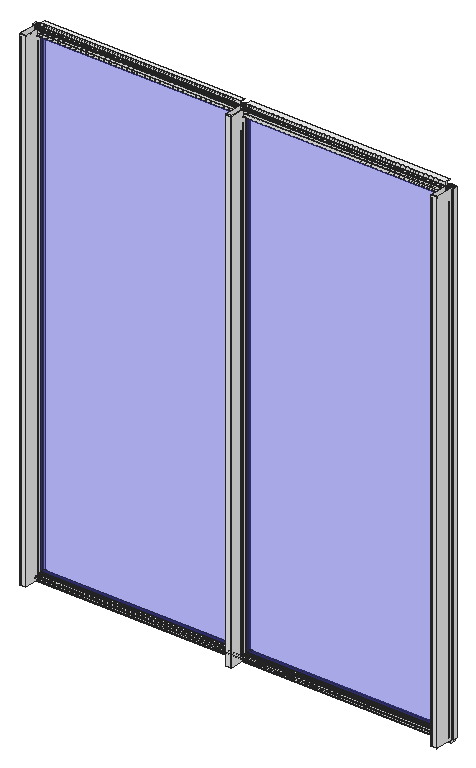
Revit family "Facade_60_Curtain_Wall_S21_Standard", category Windows, host Wall, Revit 2014 (continued)
Definition of nested family "F60 Vertical Profile Side_S21_Std"
  Automatic sketch dimensions
    Extrusion 9 sketch curve to Extrusion 9 sketch curve = 0.444 mm
    Extrusion 9 sketch curve to Extrusion 9 sketch curve = 3.038 mm
    Extrusion 9 sketch curve to plane 1 "Center (Front/Back)" = 0.385 mm  (x2)
    Extrusion 9 sketch curve to Extrusion 9 sketch curve = 0.756 mm
    Extrusion 9 sketch curve to Extrusion 9 sketch curve = 2.153 mm
    Extrusion 9 sketch curve to Extrusion 9 sketch curve = 0.631 mm
    Extrusion 9 sketch curve to Extrusion 9 sketch curve = 0.807 mm
    Extrusion 9 sketch curve to Extrusion 9 sketch curve = 1.646 mm
    Extrusion 9 sketch curve to Extrusion 9 sketch curve = 0.707 mm
    Extrusion 9 sketch curve to Extrusion 9 sketch curve = 1.393 mm
    Extrusion 9 sketch curve to Extrusion 9 sketch curve = 1.923 mm
    Extrusion 9 sketch curve to Extrusion 9 sketch curve = 11.937 mm
    Extrusion 9 sketch curve to Extrusion 9 sketch curve = 1.6 mm
    Extrusion 9 sketch curve to Extrusion 9 sketch curve = 0.9 mm  (x2)
    Extrusion 9 sketch curve to Extrusion 9 sketch curve = 1.356 mm  (x2)
    Extrusion 9 sketch curve to Extrusion 9 sketch curve = 0.714 mm
    Extrusion 9 sketch curve to Extrusion 9 sketch curve = 0.02 mm
    Extrusion 9 sketch curve to Extrusion 9 sketch curve = 0.399 mm
    Extrusion 9 sketch curve to Extrusion 9 sketch curve = 2.224 mm
    Extrusion 9 sketch curve to Extrusion 9 sketch curve = 0.448 mm
    Extrusion 9 sketch curve to plane 1 "Center (Front/Back)" = 0.198 mm
    Extrusion 9 sketch curve to plane 1 "Center (Front/Back)" = 0.201 mm
    Extrusion 9 sketch curve to Extrusion 9 sketch curve = 0.032 mm
    Extrusion 9 sketch curve to Extrusion 9 sketch curve = 0 mm
    plane 3 "Center (Left/Right)" to Extrusion 10 sketch curve = 1.014 mm
    Extrusion 10 sketch curve to Extrusion 10 sketch curve = 0.469 mm  (x2)
    plane 3 "Center (Left/Right)" to Extrusion 10 sketch curve = 1.706 mm
    Extrusion 10 sketch curve to Extrusion 10 sketch curve = 1.079 mm
    Extrusion 10 sketch curve to Extrusion 10 sketch curve = 0.864 mm
    Extrusion 10 sketch curve to Extrusion 10 sketch curve = 1.15 mm  (x4)
    Extrusion 10 sketch curve to Extrusion 10 sketch curve = 3.2 mm  (x2)
    Extrusion 10 sketch curve to Extrusion 10 sketch curve = 3.031 mm  (x2)
    Extrusion 10 sketch curve to Extrusion 10 sketch curve = 0.6 mm  (x3)
    Extrusion 10 sketch curve to Extrusion 10 sketch curve = 15.584 mm  (x2)
    Extrusion 10 sketch curve to Extrusion 10 sketch curve = 0.808 mm  (x2)
    Extrusion 10 sketch curve to Extrusion 10 sketch curve = 3.038 mm
    Extrusion 10 sketch curve to Extrusion 10 sketch curve = 0.865 mm
    Extrusion 10 sketch curve to Extrusion 10 sketch curve = 1.25 mm  (x5)
    Extrusion 10 sketch curve to Extrusion 10 sketch curve = 0.61 mm
    plane 1 "Center (Front/Back)" to Extrusion 10 sketch curve = 31.288 mm
    Extrusion 10 sketch curve to Extrusion 10 sketch curve = 0.362 mm
    plane 1 "Center (Front/Back)" to Extrusion 10 sketch curve = 31.65 mm
    Extrusion 10 sketch curve to Extrusion 10 sketch curve = 0.962 mm
    Extrusion 10 sketch curve to Extrusion 10 sketch curve = 0.85 mm
    Extrusion 10 sketch curve to Extrusion 10 sketch curve = 0.512 mm  (x2)
    Extrusion 10 sketch curve to Extrusion 10 sketch curve = 0.4 mm  (x2)
    Extrusion 10 sketch curve to Extrusion 10 sketch curve = 1 mm
    Extrusion 10 sketch curve to Extrusion 10 sketch curve = 2.8 mm
    Extrusion 10 sketch curve to Extrusion 10 sketch curve = 0 mm  (x2)
    Extrusion 10 sketch curve to Extrusion 10 sketch curve = 1.4 mm
    Extrusion 10 sketch curve to Extrusion 10 sketch curve = 0.539 mm  (x2)
    plane 1 "Center (Front/Back)" to Extrusion 10 sketch curve = 28.864 mm
    Extrusion 11 sketch curve to plane 3 "Center (Left/Right)" = 0 mm
    plane 3 "Center (Left/Right)" to Extrusion 11 sketch curve = 0.65 mm
    Extrusion 11 sketch curve to Extrusion 11 sketch curve = 0.128 mm  (x2)
    plane 3 "Center (Left/Right)" to Extrusion 11 sketch curve = 1.014 mm
    plane 3 "Center (Left/Right)" to Extrusion 11 sketch curve = 1.05 mm
    Extrusion 11 sketch curve to Extrusion 11 sketch curve = 0.469 mm  (x2)
    Extrusion 11 sketch curve to Extrusion 11 sketch curve = 1.079 mm
    Extrusion 11 sketch curve to Extrusion 11 sketch curve = 1.317 mm  (x2)
    Extrusion 11 sketch curve to Extrusion 11 sketch curve = 0 mm  (x3)
    plane 3 "Center (Left/Right)" to Extrusion 11 sketch curve = 3.85 mm
    Extrusion 11 sketch curve to Extrusion 11 sketch curve = 0.15 mm  (x2)
    Extrusion 11 sketch curve to Extrusion 11 sketch curve = 26 mm  (x2)
    Extrusion 11 sketch curve to Extrusion 11 sketch curve = 1.05 mm
    Extrusion 11 sketch curve to Extrusion 11 sketch curve = 0.707 mm
    Extrusion 11 sketch curve to Extrusion 11 sketch curve = 0.433 mm
    plane 1 "Center (Front/Back)" to Extrusion 11 sketch curve = 31.288 mm
    plane 1 "Center (Front/Back)" to Extrusion 11 sketch curve = 28.065 mm
    Extrusion 11 sketch curve to Extrusion 11 sketch curve = 1.314 mm
    Extrusion 11 sketch curve to Extrusion 11 sketch curve = 0.65 mm
    Extrusion 11 sketch curve to Extrusion 11 sketch curve = 0.5 mm  (x2)
    plane 1 "Center (Front/Back)" to Extrusion 11 sketch curve = 32.75 mm
    Extrusion 11 sketch curve to Extrusion 11 sketch curve = 0.1 mm  (x3)
    Extrusion 11 sketch curve to Extrusion 11 sketch curve = 1.1 mm  (x2)
    Extrusion 11 sketch curve to Extrusion 11 sketch curve = 8.608 mm
    Extrusion 11 sketch curve to Extrusion 11 sketch curve = 0.962 mm
    Extrusion 12 sketch curve to plane 3 "Center (Left/Right)" = 21.349 mm
    Extrusion 12 sketch curve to Extrusion 12 sketch curve = 6.35 mm
    plane 3 "Center (Left/Right)" to Extrusion 12 sketch curve = 10.403 mm
    plane 1 "Center (Front/Back)" to Extrusion 12 sketch curve = 35.567 mm
    plane 1 "Center (Front/Back)" to Extrusion 12 sketch curve = 10.171 mm
    plane 1 "Center (Front/Back)" to Extrusion 12 sketch curve = 3.821 mm
    Extrusion 13 sketch curve to plane 3 "Center (Left/Right)" = 21.35 mm
    Extrusion 13 sketch curve to Extrusion 13 sketch curve = 6.35 mm
    plane 3 "Center (Left/Right)" to Extrusion 13 sketch curve = 10.402 mm
    plane 1 "Center (Front/Back)" to Extrusion 13 sketch curve = 33.172 mm
    plane 1 "Center (Front/Back)" to Extrusion 13 sketch curve = 7.775 mm
    plane 1 "Center (Front/Back)" to Extrusion 13 sketch curve = 1.425 mm
    Extrusion 14 sketch curve to plane 3 "Center (Left/Right)" = 0 mm
    plane 3 "Center (Left/Right)" to Extrusion 14 sketch curve = 1.2 mm
    Extrusion 14 sketch curve to Extrusion 14 sketch curve = 9.6 mm
    Extrusion 14 sketch curve to Extrusion 14 sketch curve = 1.2 mm  (x3)
    plane 1 "Center (Front/Back)" to Extrusion 14 sketch curve = 25.775 mm
    plane 1 "Center (Front/Back)" to Extrusion 14 sketch curve = 8.975 mm
    curve 4 to Extrusion 6 = 0 mm
    curve 3 to Extrusion 6 = 0 mm
    curve 1 to Extrusion 6 = 0 mm
    curve 4 to Extrusion 6 = 3.6 mm
    curve 3 to Extrusion 6 = 3.6 mm
    curve 1 to Extrusion 6 = 3.6 mm
    Extrusion 6 to curve 2 = 1 mm
    Extrusion 6 to curve 5 = 1 mm
    Extrusion 6 to curve 6 = 1 mm
    curve 6 to Extrusion 6 = 1 mm
    curve 5 to Extrusion 6 = 1 mm
    curve 2 to Extrusion 6 = 1 mm
    curve 9 to Extrusion 6 = 0 mm
    curve 8 to Extrusion 6 = 0 mm
    curve 7 to Extrusion 6 = 0 mm
    Extrusion 6 to curve 8 = 3.6 mm
    Extrusion 6 to curve 9 = 3.6 mm
    Extrusion 6 to curve 7 = 3.6 mm
    curve 12 to Extrusion 5 = 25.894 mm
    curve 11 to Extrusion 5 = 25.894 mm
    curve 10 to Extrusion 5 = 25.894 mm
    curve 10 to Extrusion 5 = 0.108 mm
    Extrusion 5 to curve 12 = 0.703 mm
    Extrusion 5 to curve 11 = 0.703 mm
    curve 13 to Extrusion 5 = 4 mm
    curve 14 to Extrusion 5 = 4 mm
    curve 15 to Extrusion 5 = 4 mm
    Extrusion 5 to curve 15 = 0.702 mm
    Extrusion 5 to curve 14 = 0.702 mm
    Extrusion 5 to curve 13 = 0.702 mm
    curve 18 to Extrusion 7 = 0 mm
    curve 17 to Extrusion 7 = 0 mm
    curve 16 to Extrusion 7 = 0 mm
    Extrusion 7 to curve 17 = 3.6 mm
    Extrusion 7 to curve 18 = 3.6 mm
    Extrusion 7 to curve 16 = 3.6 mm
    Extrusion 7 to curve 21 = 1 mm  (x2)
    Extrusion 7 to curve 20 = 1 mm  (x2)
    Extrusion 7 to curve 19 = 1 mm  (x2)
    curve 24 to Extrusion 7 = 0 mm
    curve 23 to Extrusion 7 = 0 mm
    curve 22 to Extrusion 7 = 0 mm
    curve 24 to Extrusion 7 = 3.6 mm
    curve 23 to Extrusion 7 = 3.6 mm
    curve 22 to Extrusion 7 = 3.6 mm
    curve 27 to Extrusion 8 = 0 mm
    curve 26 to Extrusion 8 = 0 mm
    curve 25 to Extrusion 8 = 0 mm
    Extrusion 8 to curve 26 = 3.6 mm
    Extrusion 8 to curve 27 = 3.6 mm
    Extrusion 8 to curve 25 = 3.6 mm
    Extrusion 8 to curve 30 = 0.221 mm
    Extrusion 8 to curve 29 = 0.221 mm
    Extrusion 8 to curve 28 = 0.221 mm
    curve 29 to Extrusion 8 = 0.222 mm
    curve 30 to Extrusion 8 = 0.222 mm
    curve 28 to Extrusion 8 = 0.222 mm
    curve 33 to Extrusion 8 = 0 mm
    curve 32 to Extrusion 8 = 0 mm
    curve 31 to Extrusion 8 = 0 mm
    curve 33 to Extrusion 8 = 3.6 mm
    curve 32 to Extrusion 8 = 3.6 mm
    curve 31 to Extrusion 8 = 3.6 mm
    curve 34 to Extrusion 11 = 4.016 mm
    curve 35 to Extrusion 11 = 4.016 mm
    curve 36 to Extrusion 11 = 3.97 mm
    Extrusion 11 to curve 36 = 0.637 mm
    Extrusion 11 to curve 35 = 0.637 mm
    Extrusion 11 to curve 34 = 0.637 mm
    curve 37 to Extrusion 11 = 29.221 mm
    curve 38 to Extrusion 11 = 29.221 mm
    curve 39 to Extrusion 11 = 29.221 mm
    Extrusion 11 to curve 39 = 3.222 mm
    Extrusion 11 to curve 38 = 3.222 mm
    Extrusion 11 to curve 37 = 3.222 mm
Definition of nested family "F60 Horizontal Profile Top_S21_Std"
  Parameters (values of type "F60 Horizontal Profile Top")
    Thermal Break Material [instance] = none
    Single Glazing [instance] = yes
    Profile Material [instance] = none
    Length [instance] = 250 mm
    Double Glazing [instance] = yes
  Reference planes
    plane 1 "Center (Front/Back)": y = 0
    plane 2: z = 0
    plane 3 "Center (Left/Right)": x = 0
  Forms (mm)
    Extrusion 1, solid, material <- "Profile Material"
      sketch origin (0, 0, 0) x (0, 1, 0) y (0, 0, 1)
        loop
          line (-9.94, 7.845) -> (-8.37, 6.275) -> (-1.2, 10.415) -> (-1.2, 1.2) -> (-5, 1.2) -> (-5, 0) -> (-1, 0)
          arc (-1, 0) -> (-0.293, 0.293) -> (0, 1) r 1
          line (0, 1) -> (0, 30) -> (0, 59)
          arc (0, 59) -> (-0.293, 59.707) -> (-1, 60) r 1
          line (-1, 60) -> (-5, 60) -> (-5, 58.8) -> (-1.2, 58.8) -> (-1.2, 49.585) -> (-8.37, 53.725) -> (-9.94, 52.155)
          arc (-9.94, 52.155) -> (-9.902, 51.269) -> (-9.016, 51.232) r 0.655
          line (-9.016, 51.232) -> (-8.077, 52.17) -> (-1.2, 48.2) -> (-1.2, 30) -> (-1.2, 11.8) -> (-8.077, 7.83) -> (-9.016, 8.768)
          arc (-9.016, 8.768) -> (-9.902, 8.731) -> (-9.94, 7.845) r 0.655
      from 0 to 250 <- "Length"
    Extrusion 2, solid, material <- "Profile Material"
      sketch origin (0, 0, 0) x (0, 1, 0) y (0, 0, 1)
        loop
          line (-5, 60) -> (-44.6, 60) -> (-44.6, 58.35) -> (-39.944, 58.35) -> (-39.944, 1.65) -> (-44.6, 1.65) -> (-44.6, 0) -> (-5, 0) -> (-5, 2.2) -> (-4.2, 2.2) -> (-4.2, 3.018)
          arc (-4.2, 3.018) -> (-4.352, 3.783) -> (-4.786, 4.432) r 2
          line (-4.786, 4.432) -> (-7.054, 6.7) -> (-8, 6.489) -> (-8, 5.7) -> (-7.205, 5.7) -> (-7.205, 2.95) -> (-8, 2.95) -> (-8, 1.95) -> (-12.752, 1.95) -> (-12.752, 6.7) -> (-14.152, 6.7) -> (-14.152, 1.65) -> (-38.65, 1.65) -> (-38.65, 8.33) -> (-37.097, 8.33) -> (-34.666, 6.973)
          arc (-34.666, 6.973) -> (-33.846, 7.192) -> (-34.066, 8.012) r 0.6
          line (-34.066, 8.012) -> (-37.128, 9.78) -> (-38.65, 9.78) -> (-38.65, 12.65) -> (-37.6, 13.7) -> (-37.6, 20.3) -> (-38.65, 21.35) -> (-38.65, 38.65) -> (-37.6, 39.7) -> (-37.6, 46.3) -> (-38.65, 47.35) -> (-38.65, 50.22) -> (-37.128, 50.22) -> (-34.066, 51.988)
          arc (-34.066, 51.988) -> (-33.846, 52.808) -> (-34.666, 53.027) r 0.6
          line (-34.666, 53.027) -> (-37.032, 51.661) -> (-38.65, 51.661) -> (-38.65, 58.35) -> (-14.152, 58.35) -> (-14.152, 53.3) -> (-12.752, 53.3) -> (-12.752, 58.05) -> (-8, 58.05) -> (-8, 57.05) -> (-7.205, 57.05) -> (-7.205, 54.3) -> (-8, 54.3) -> (-8, 53.511) -> (-7.054, 53.3) -> (-4.786, 55.568)
          arc (-4.786, 55.568) -> (-4.352, 56.217) -> (-4.2, 56.982) r 2
          line (-4.2, 56.982) -> (-4.2, 57.8) -> (-5, 57.8) -> (-5, 60)
      from 0 to 250 <- "Length"
    Extrusion 3, solid, material <- "Thermal Break Material"
      sketch origin (0, 0, 0) x (0, 1, 0) y (0, 0, 1)
        loop
          line (-40, 1.75) -> (-40, 30) -> (-40, 58.25) -> (-44.6, 58.25) -> (-44.6, 60) -> (-45.9, 60) -> (-45.9, 53.65) -> (-41.788, 53.65)
          arc (-41.788, 53.65) -> (-41.363, 53.474) -> (-41.187, 53.05) r 0.6
          line (-41.187, 53.05) -> (-41.187, 30) -> (-41.187, 6.95)
          arc (-41.187, 6.95) -> (-41.363, 6.526) -> (-41.788, 6.35) r 0.6
          line (-41.788, 6.35) -> (-45.9, 6.35) -> (-45.9, 0) -> (-44.6, 0) -> (-44.6, 1.75) -> (-40, 1.75)
      from 0 to 250 <- "Length"
    Extrusion 4, solid, material <- "Profile Material"
      sketch origin (0, 0, 0) x (0, 1, 0) y (0, 0, 1)
        loop
          line (-58.5, 25.249) -> (-43.6, 25.249)
          arc (-43.6, 25.249) -> (-43.034, 25.015) -> (-42.8, 24.449) r 0.8
          line (-42.8, 24.449) -> (-42.8, 7.9) -> (-44.4, 7.9) -> (-44.4, 9.45) -> (-45.25, 9.45)
          arc (-45.25, 9.45) -> (-45.674, 9.274) -> (-45.85, 8.85) r 0.6
          line (-45.85, 8.85) -> (-45.85, 7.9) -> (-48.8, 7.9)
          arc (-48.8, 7.9) -> (-49.3, 8.4) -> (-49.8, 7.9) r 0.5
          line (-49.8, 7.9) -> (-49.8, 5.55) -> (-48.65, 5.55) -> (-48.65, 6.7) -> (-47.35, 6.7) -> (-47.35, 1.2) -> (-48.65, 1.2) -> (-48.65, 2.35) -> (-49.8, 2.35) -> (-49.8, 0.5)
          arc (-49.8, 0.5) -> (-49.654, 0.146) -> (-49.3, 0) r 0.5
          line (-49.3, 0) -> (-45.9, 0) -> (-45.9, 6.45) -> (-42.2, 6.45)
          arc (-42.2, 6.45) -> (-41.634, 6.684) -> (-41.4, 7.25) r 0.8
          line (-41.4, 7.25) -> (-41.4, 30) -> (-41.4, 52.75)
          arc (-41.4, 52.75) -> (-41.634, 53.316) -> (-42.2, 53.55) r 0.8
          line (-42.2, 53.55) -> (-45.9, 53.55) -> (-45.9, 60) -> (-49.3, 60)
          arc (-49.3, 60) -> (-49.654, 59.854) -> (-49.8, 59.5) r 0.5
          line (-49.8, 59.5) -> (-49.8, 57.65) -> (-48.65, 57.65) -> (-48.65, 58.8) -> (-47.35, 58.8) -> (-47.35, 53.3) -> (-48.65, 53.3) -> (-48.65, 54.45) -> (-49.8, 54.45) -> (-49.8, 52.1)
          arc (-49.8, 52.1) -> (-49.3, 51.6) -> (-48.8, 52.1) r 0.5
          line (-48.8, 52.1) -> (-45.85, 52.1) -> (-45.85, 51.15)
          arc (-45.85, 51.15) -> (-45.674, 50.726) -> (-45.25, 50.55) r 0.6
          line (-45.25, 50.55) -> (-44.4, 50.55) -> (-44.4, 52.1) -> (-42.8, 52.1) -> (-42.8, 35.551)
          arc (-42.8, 35.551) -> (-43.034, 34.985) -> (-43.6, 34.751) r 0.8
          line (-43.6, 34.751) -> (-58.5, 34.751)
          arc (-58.5, 34.751) -> (-59.066, 34.516) -> (-59.3, 33.951) r 0.8
          line (-59.3, 33.951) -> (-59.3, 32.902) -> (-42.8, 32.902) -> (-42.8, 27.1) -> (-59.3, 27.1) -> (-59.3, 26.049)
          arc (-59.3, 26.049) -> (-59.066, 25.484) -> (-58.5, 25.249) r 0.8
      from 0 to 250 <- "Length"
    Extrusion 5, solid, material <- "Thermal Break Material", visible <- "Single Glazing"
      sketch origin (0, 0, 0) x (0, 1, 0) y (0, 0, 1)
        loop
          arc (-63.8, 25.751) -> (-63.654, 25.397) -> (-63.3, 25.251) r 0.5
          line (-63.3, 25.251) -> (-59.8, 25.251)
          arc (-59.8, 25.251) -> (-59.446, 25.397) -> (-59.3, 25.751) r 0.5
          line (-59.3, 25.751) -> (-59.3, 27.648) -> (-49.599, 27.648) -> (-47.528, 28.651)
          arc (-47.528, 28.651) -> (-46.803, 30.001) -> (-47.528, 31.351) r 1.62
          line (-47.528, 31.351) -> (-49.599, 32.353) -> (-59.3, 32.353) -> (-59.3, 34.251)
          arc (-59.3, 34.251) -> (-59.446, 34.604) -> (-59.8, 34.751) r 0.5
          line (-59.8, 34.751) -> (-63.3, 34.751)
          arc (-63.3, 34.751) -> (-63.654, 34.604) -> (-63.8, 34.251) r 0.5
          line (-63.8, 34.251) -> (-63.8, 32.328) -> (-62.4, 31.52) -> (-62.4, 28.483) -> (-63.8, 27.673) -> (-63.8, 25.751)
        loop
          line (-59.794, 28.506) -> (-59.006, 29.294)
          arc (-59.006, 29.294) -> (-58.788, 29.618) -> (-58.713, 30.001) r 0.986
          arc (-58.713, 30.001) -> (-58.79, 30.384) -> (-59.008, 30.71) r 1.007
          line (-59.008, 30.71) -> (-59.794, 31.496) -> (-60.65, 31.496)
          arc (-60.65, 31.496) -> (-61.004, 31.349) -> (-61.15, 30.996) r 0.5
          line (-61.15, 30.996) -> (-61.15, 29.006)
          arc (-61.15, 29.006) -> (-61.004, 28.652) -> (-60.65, 28.506) r 0.5
          line (-60.65, 28.506) -> (-59.794, 28.506)
        loop
          line (-47.854, 30.898) -> (-49.415, 31.653) -> (-56.782, 31.653)
          arc (-56.782, 31.653) -> (-57.207, 31.417) -> (-57.23, 30.932) r 0.5
          arc (-57.23, 30.932) -> (-57.013, 30.001) -> (-57.23, 29.07) r 2.099
          arc (-57.23, 29.07) -> (-57.207, 28.584) -> (-56.782, 28.348) r 0.5
          line (-56.782, 28.348) -> (-49.415, 28.348) -> (-48.055, 29.007)
          arc (-48.055, 29.007) -> (-47.35, 29.888) -> (-47.854, 30.898) r 1.047
      from 0 to 250 <- "Length"
    Extrusion 6, solid, material <- "Profile Material", visible <- "Single Glazing"
      sketch origin (0, 0, 0) x (0, 1, 0) y (0, 0, 1)
        loop
          line (-63.8, 52.694) -> (-64.8, 52.694) -> (-64.8, 51.544) -> (-66.05, 51.544) -> (-66.05, 57.044) -> (-64.8, 57.044) -> (-64.8, 55.894) -> (-63.8, 55.894) -> (-63.8, 58.294)
          arc (-63.8, 58.294) -> (-64.082, 58.803) -> (-64.664, 58.835) r 0.6
          line (-64.664, 58.835) -> (-66.562, 57.91) -> (-67.088, 58.988) -> (-68.05, 58.519) -> (-68.05, 48.513)
          arc (-68.05, 48.513) -> (-67.874, 48.089) -> (-67.45, 47.913) r 0.6
          line (-67.45, 47.913) -> (-66.6, 47.913) -> (-66.6, 12.09) -> (-67.45, 12.09)
          arc (-67.45, 12.09) -> (-67.874, 11.914) -> (-68.05, 11.49) r 0.6
          line (-68.05, 11.49) -> (-68.05, 1.485) -> (-67.088, 1.016) -> (-66.562, 2.095) -> (-64.663, 1.169)
          arc (-64.663, 1.169) -> (-64.082, 1.2) -> (-63.8, 1.709) r 0.6
          line (-63.8, 1.709) -> (-63.8, 4.109) -> (-64.8, 4.109) -> (-64.8, 2.959) -> (-66.05, 2.959) -> (-66.05, 8.459) -> (-64.8, 8.459) -> (-64.8, 7.309) -> (-63.8, 7.309) -> (-63.8, 27.674) -> (-62.4, 28.483) -> (-62.4, 31.521) -> (-63.8, 32.329) -> (-63.8, 52.694)
      from 0 to 250 <- "Length"
    Extrusion 7, solid, material <- "Profile Material", visible <- "Single Glazing"
      sketch origin (0, 0, 0) x (0, 1, 0) y (0, 0, 1)
        loop
          line (-68.551, 3.3) -> (-76.559, 3.3) -> (-76.559, 30) -> (-76.559, 56.15)
          arc (-76.559, 56.15) -> (-75.739, 58.13) -> (-73.759, 58.95) r 2.8
          line (-73.759, 58.95) -> (-69.151, 58.95) -> (-69.151, 57.2)
          arc (-69.151, 57.2) -> (-68.987, 56.829) -> (-68.601, 56.703) r 0.5
          arc (-68.601, 56.703) -> (-68.216, 56.829) -> (-68.051, 57.2) r 0.5
          line (-68.051, 57.2) -> (-68.051, 58.517) -> (-67.089, 58.986) -> (-66.563, 57.907) -> (-63.866, 59.222)
          arc (-63.866, 59.222) -> (-64.001, 59.762) -> (-64.504, 60) r 0.65
          line (-64.504, 60) -> (-73.859, 60)
          arc (-73.859, 60) -> (-76.687, 58.828) -> (-77.859, 56) r 4
          line (-77.859, 56) -> (-77.859, 30) -> (-77.859, 2.493)
          arc (-77.859, 2.493) -> (-77.197, 0.799) -> (-75.562, 0.002) r 2.5
          arc (-75.562, 0.002) -> (-75.182, 0.132) -> (-75.021, 0.5) r 0.5
          line (-75.021, 0.5) -> (-75.021, 2) -> (-69.151, 2) -> (-69.151, 0.5)
          arc (-69.151, 0.5) -> (-69.005, 0.146) -> (-68.651, 0) r 0.5
          line (-68.651, 0) -> (-64.504, 0)
          arc (-64.504, 0) -> (-64.001, 0.238) -> (-63.866, 0.778) r 0.65
          line (-63.866, 0.778) -> (-66.563, 2.093) -> (-67.089, 1.014) -> (-68.051, 1.483) -> (-68.051, 2.8)
          arc (-68.051, 2.8) -> (-68.198, 3.154) -> (-68.551, 3.3) r 0.5
      from 0 to 250 <- "Length"
    Extrusion 8, solid, material <- "Thermal Break Material", visible <- "Double Glazing"
      sketch origin (0, 0, 0) x (0, 1, 0) y (0, 0, 1)
        loop
          line (-77.8, 27.673) -> (-77.8, 25.751)
          arc (-77.8, 25.751) -> (-77.654, 25.397) -> (-77.3, 25.251) r 0.5
          line (-77.3, 25.251) -> (-59.8, 25.251)
          arc (-59.8, 25.251) -> (-59.446, 25.397) -> (-59.3, 25.751) r 0.5
          line (-59.3, 25.751) -> (-59.3, 27.647) -> (-49.599, 27.647) -> (-47.528, 28.649)
          arc (-47.528, 28.649) -> (-46.803, 29.999) -> (-47.528, 31.349) r 1.62
          line (-47.528, 31.349) -> (-49.602, 32.353) -> (-59.3, 32.353) -> (-59.3, 34.251)
          arc (-59.3, 34.251) -> (-59.446, 34.604) -> (-59.8, 34.751) r 0.5
          line (-59.8, 34.751) -> (-77.3, 34.751)
          arc (-77.3, 34.751) -> (-77.654, 34.604) -> (-77.8, 34.251) r 0.5
          line (-77.8, 34.251) -> (-77.8, 32.327) -> (-76.4, 31.52) -> (-76.4, 28.482) -> (-77.8, 27.673)
        loop
          line (-59.006, 30.708) -> (-61.156, 32.858)
          arc (-61.156, 32.858) -> (-61.48, 33.074) -> (-61.863, 33.151) r 1
          line (-61.863, 33.151) -> (-73.8, 33.151)
          arc (-73.8, 33.151) -> (-74.507, 32.858) -> (-74.8, 32.151) r 1
          line (-74.8, 32.151) -> (-74.8, 27.851)
          arc (-74.8, 27.851) -> (-74.507, 27.144) -> (-73.8, 26.851) r 1
          line (-73.8, 26.851) -> (-61.863, 26.851)
          arc (-61.863, 26.851) -> (-61.48, 26.927) -> (-61.156, 27.144) r 1
          line (-61.156, 27.144) -> (-59.006, 29.294)
          arc (-59.006, 29.294) -> (-58.788, 29.618) -> (-58.713, 30.001) r 0.986
          arc (-58.713, 30.001) -> (-58.79, 30.383) -> (-59.006, 30.708) r 1.007
        loop
          line (-56.782, 28.347) -> (-49.415, 28.347) -> (-48.055, 29.005)
          arc (-48.055, 29.005) -> (-47.35, 29.887) -> (-47.854, 30.896) r 1.047
          line (-47.854, 30.896) -> (-49.415, 31.652) -> (-56.782, 31.652)
          arc (-56.782, 31.652) -> (-57.207, 31.416) -> (-57.23, 30.93) r 0.5
          arc (-57.23, 30.93) -> (-57.013, 29.999) -> (-57.23, 29.068) r 2.099
          arc (-57.23, 29.068) -> (-57.207, 28.583) -> (-56.782, 28.347) r 0.5
      from 0 to 250 <- "Length"
    Extrusion 9, solid, material <- "Profile Material", visible <- "Double Glazing"
      sketch origin (0, 0, 0) x (0, 1, 0) y (0, 0, 1)
        loop
          line (-77.8, 52.694) -> (-78.8, 52.694) -> (-78.8, 51.544) -> (-80.05, 51.544) -> (-80.05, 57.044) -> (-78.8, 57.044) -> (-78.8, 55.894) -> (-77.8, 55.894) -> (-77.8, 58.294)
          arc (-77.8, 58.294) -> (-78.082, 58.802) -> (-78.664, 58.834) r 0.6
          line (-78.664, 58.834) -> (-80.562, 57.909) -> (-81.088, 58.988) -> (-82.05, 58.518) -> (-82.05, 48.512)
          arc (-82.05, 48.512) -> (-81.874, 48.088) -> (-81.45, 47.912) r 0.6
          line (-81.45, 47.912) -> (-80.6, 47.912) -> (-80.6, 12.089) -> (-81.45, 12.089)
          arc (-81.45, 12.089) -> (-81.874, 11.913) -> (-82.05, 11.489) r 0.6
          line (-82.05, 11.489) -> (-82.05, 1.484) -> (-81.088, 1.015) -> (-80.562, 2.094) -> (-78.663, 1.169)
          arc (-78.663, 1.169) -> (-78.082, 1.199) -> (-77.8, 1.708) r 0.6
          line (-77.8, 1.708) -> (-77.8, 4.108) -> (-78.8, 4.108) -> (-78.8, 2.958) -> (-80.05, 2.958) -> (-80.05, 8.458) -> (-78.8, 8.458) -> (-78.8, 7.308) -> (-77.8, 7.308) -> (-77.8, 27.673) -> (-76.4, 28.482) -> (-76.4, 31.52) -> (-77.8, 32.328) -> (-77.8, 52.694)
      from 0 to 250 <- "Length"
    Extrusion 10, solid, material <- "Profile Material", visible <- "Double Glazing"
      sketch origin (0, 0, 0) x (0, 1, 0) y (0, 0, 1)
        loop
          line (-82.551, 3.3) -> (-90.558, 3.3) -> (-90.558, 30) -> (-90.558, 56.15)
          arc (-90.558, 56.15) -> (-89.738, 58.13) -> (-87.758, 58.95) r 2.8
          line (-87.758, 58.95) -> (-83.151, 58.95) -> (-83.151, 57.2)
          arc (-83.151, 57.2) -> (-82.986, 56.829) -> (-82.601, 56.703) r 0.5
          arc (-82.601, 56.703) -> (-82.215, 56.829) -> (-82.051, 57.2) r 0.5
          line (-82.051, 57.2) -> (-82.051, 58.517) -> (-81.088, 58.986) -> (-80.563, 57.907) -> (-77.866, 59.222)
          arc (-77.866, 59.222) -> (-78, 59.762) -> (-78.503, 60) r 0.65
          line (-78.503, 60) -> (-87.858, 60)
          arc (-87.858, 60) -> (-90.687, 58.828) -> (-91.858, 56) r 4
          line (-91.858, 56) -> (-91.858, 30) -> (-91.858, 2.493)
          arc (-91.858, 2.493) -> (-91.196, 0.799) -> (-89.561, 0.002) r 2.5
          arc (-89.561, 0.002) -> (-89.182, 0.132) -> (-89.021, 0.5) r 0.5
          line (-89.021, 0.5) -> (-89.021, 2) -> (-83.151, 2) -> (-83.151, 0.5)
          arc (-83.151, 0.5) -> (-83.004, 0.146) -> (-82.651, 0) r 0.5
          line (-82.651, 0) -> (-78.503, 0)
          arc (-78.503, 0) -> (-78, 0.238) -> (-77.866, 0.778) r 0.65
          line (-77.866, 0.778) -> (-80.563, 2.093) -> (-81.088, 1.014) -> (-82.051, 1.483) -> (-82.051, 2.8)
          arc (-82.051, 2.8) -> (-82.197, 3.154) -> (-82.551, 3.3) r 0.5
      from 0 to 250 <- "Length"
    Extrusion 11, solid, material <- "Profile Material", visible <- "Double Glazing"
      sketch origin (0, 0, 0) x (0, 1, 0) y (0, 0, 1)
        loop
          line (-57.8, 45.73) -> (-51.8, 45.73) -> (-51.8, 95.73) -> (-101.8, 95.73) -> (-101.8, 89.73) -> (-57.8, 89.73) -> (-57.8, 45.73)
      from 0 to 250 <- "Length"
    Extrusion 12, solid, material <- "Profile Material", visible <- "Double Glazing"
      sketch origin (0, 0, 0) x (0, 1, 0) y (0, 0, 1)
        loop
          line (-75.8, 48) -> (-57.8, 48) -> (-57.8, 60) -> (-75.8, 60) -> (-75.8, 48)
        loop
          line (-74.6, 49.2) -> (-59, 49.2) -> (-59, 58.8) -> (-74.6, 58.8) -> (-74.6, 49.2)
      from 0 to 250 <- "Length"
    Extrusion 13, solid, material <- "Profile Material", visible <- "Single Glazing"
      sketch origin (0, 0, 0) x (0, 1, 0) y (0, 0, 1)
        loop
          line (-59.8, 45.865) -> (-53.8, 45.865) -> (-53.8, 95.865) -> (-103.8, 95.865) -> (-103.8, 89.865) -> (-59.8, 89.865) -> (-59.8, 45.865)
      from 0 to 250 <- "Length"
  Dimensions and locks
    aligned and locked: level to plane 2
Definition of nested family "F60 Sill_S21_Std"
  Parameters (values of type "F60 Sill")
    Profile Material [instance] = none
    Length Sill [instance] = 250 mm
  Reference planes
    plane 1 "Center (Front/Back)": y = 0
    plane 2: z = 0
    plane 3 "Center (Left/Right)": x = 0
  Forms (mm)
    Extrusion 1, solid, material <- "Profile Material"
      sketch origin (0, 0, 0) x (0, 1, 0) y (0, 0, 1)
        loop
          line (-42.734, 5.324) -> (-48.256, 4.643)
          arc (-48.256, 4.643) -> (-49.196, 4.147) -> (-49.572, 3.154) r 1.5
          line (-49.572, 3.154) -> (-49.572, 1.88) -> (-47.772, 1.88) -> (-47.772, 3.191) -> (-19.233, 6.714)
          arc (-19.233, 6.714) -> (-17.924, 7.083) -> (-16.785, 7.826) r 4.5
          line (-16.785, 7.826) -> (-16.785, 1.88) -> (-15.285, 1.88) -> (-15.285, 24.58)
          arc (-15.285, 24.58) -> (-15.109, 25.004) -> (-14.685, 25.18) r 0.6
          line (-14.685, 25.18) -> (-4.072, 25.18) -> (-4.072, 1.88) -> (-2.572, 1.88) -> (-2.572, 29.88) -> (-4.072, 29.88) -> (-4.072, 28.88) -> (-5.222, 28.88) -> (-5.222, 27.68) -> (-4.072, 27.68) -> (-4.072, 26.38) -> (-9.572, 26.38) -> (-9.572, 27.68) -> (-8.422, 27.68) -> (-8.422, 28.88) -> (-10.172, 28.88)
          arc (-10.172, 28.88) -> (-10.597, 28.704) -> (-10.772, 28.28) r 0.6
          line (-10.772, 28.28) -> (-10.772, 26.38) -> (-15.285, 26.38)
          arc (-15.285, 26.38) -> (-16.345, 25.941) -> (-16.785, 24.88) r 1.5
          line (-16.785, 24.88) -> (-16.785, 11.18)
          arc (-16.785, 11.18) -> (-17.537, 9.193) -> (-19.417, 8.203) r 3
          line (-19.417, 8.203) -> (-39.35, 5.742)
          arc (-39.35, 5.742) -> (-40.527, 6.107) -> (-41.034, 7.231) r 1.5
          line (-41.034, 7.231) -> (-41.034, 19.996)
          arc (-41.034, 19.996) -> (-40.883, 20.394) -> (-40.507, 20.592) r 0.6
          line (-40.507, 20.592) -> (-32.917, 21.529)
          arc (-32.917, 21.529) -> (-31.977, 22.024) -> (-31.601, 23.017) r 1.5
          line (-31.601, 23.017) -> (-31.601, 28.88) -> (-33.101, 28.88) -> (-33.101, 23.548)
          arc (-33.101, 23.548) -> (-33.251, 23.15) -> (-33.627, 22.952) r 0.6
          line (-33.627, 22.952) -> (-45.787, 21.451)
          arc (-45.787, 21.451) -> (-46.727, 20.956) -> (-47.104, 19.962) r 1.5
          line (-47.104, 19.962) -> (-47.104, 19.054)
          arc (-47.104, 19.054) -> (-46.957, 18.7) -> (-46.604, 18.554) r 0.5
          line (-46.604, 18.554) -> (-45.604, 18.554) -> (-45.604, 19.962) -> (-42.734, 20.317) -> (-42.734, 5.324)
      from 0 to 250 <- "Length Sill"
  Dimensions and locks
    aligned and locked: level to plane 2
Definition of nested family "F60 Horizontal Profile Bottom_S21_Std"
  Parameters (values of type "F60 Horizontal Profile Bottom")
    Thermal Break Material [instance] = none
    Single Glazing [instance] = yes
    Profile Material [instance] = none
    Length [instance] = 250 mm
    Double Glazing [instance] = yes
  Reference planes
    plane 1 "Center (Front/Back)": y = 0
    plane 2: z = 0
    plane 3 "Center (Left/Right)": x = 0
  Forms (mm)
    Extrusion 1, solid, material <- "Profile Material"
      sketch origin (0, 0, 0) x (0, 1, 0) y (0, 0, 1)
        loop
          line (-9.94, 7.845) -> (-8.37, 6.275) -> (-1.2, 10.415) -> (-1.2, 1.2) -> (-5, 1.2) -> (-5, 0) -> (-1, 0)
          arc (-1, 0) -> (-0.293, 0.293) -> (0, 1) r 1
          line (0, 1) -> (0, 30) -> (0, 59)
          arc (0, 59) -> (-0.293, 59.707) -> (-1, 60) r 1
          line (-1, 60) -> (-5, 60) -> (-5, 58.8) -> (-1.2, 58.8) -> (-1.2, 49.585) -> (-8.37, 53.725) -> (-9.94, 52.155)
          arc (-9.94, 52.155) -> (-9.902, 51.269) -> (-9.016, 51.232) r 0.655
          line (-9.016, 51.232) -> (-8.077, 52.17) -> (-1.2, 48.2) -> (-1.2, 30) -> (-1.2, 11.8) -> (-8.077, 7.83) -> (-9.016, 8.768)
          arc (-9.016, 8.768) -> (-9.902, 8.731) -> (-9.94, 7.845) r 0.655
      from 0 to 250 <- "Length"
    Extrusion 2, solid, material <- "Profile Material"
      sketch origin (0, 0, 0) x (0, 1, 0) y (0, 0, 1)
        loop
          line (-5, 60) -> (-44.6, 60) -> (-44.6, 58.35) -> (-39.944, 58.35) -> (-39.944, 1.65) -> (-44.6, 1.65) -> (-44.6, 0) -> (-5, 0) -> (-5, 2.2) -> (-4.2, 2.2) -> (-4.2, 3.018)
          arc (-4.2, 3.018) -> (-4.352, 3.783) -> (-4.786, 4.432) r 2
          line (-4.786, 4.432) -> (-7.054, 6.7) -> (-8, 6.489) -> (-8, 5.7) -> (-7.205, 5.7) -> (-7.205, 2.95) -> (-8, 2.95) -> (-8, 1.95) -> (-12.752, 1.95) -> (-12.752, 6.7) -> (-14.152, 6.7) -> (-14.152, 1.65) -> (-38.65, 1.65) -> (-38.65, 8.33) -> (-37.097, 8.33) -> (-34.666, 6.973)
          arc (-34.666, 6.973) -> (-33.846, 7.192) -> (-34.066, 8.012) r 0.6
          line (-34.066, 8.012) -> (-37.128, 9.78) -> (-38.65, 9.78) -> (-38.65, 12.65) -> (-37.6, 13.7) -> (-37.6, 20.3) -> (-38.65, 21.35) -> (-38.65, 38.65) -> (-37.6, 39.7) -> (-37.6, 46.3) -> (-38.65, 47.35) -> (-38.65, 50.22) -> (-37.128, 50.22) -> (-34.066, 51.988)
          arc (-34.066, 51.988) -> (-33.846, 52.808) -> (-34.666, 53.027) r 0.6
          line (-34.666, 53.027) -> (-37.032, 51.661) -> (-38.65, 51.661) -> (-38.65, 58.35) -> (-14.152, 58.35) -> (-14.152, 53.3) -> (-12.752, 53.3) -> (-12.752, 58.05) -> (-8, 58.05) -> (-8, 57.05) -> (-7.205, 57.05) -> (-7.205, 54.3) -> (-8, 54.3) -> (-8, 53.511) -> (-7.054, 53.3) -> (-4.786, 55.568)
          arc (-4.786, 55.568) -> (-4.352, 56.217) -> (-4.2, 56.982) r 2
          line (-4.2, 56.982) -> (-4.2, 57.8) -> (-5, 57.8) -> (-5, 60)
      from 0 to 250 <- "Length"
    Extrusion 3, solid, material <- "Thermal Break Material"
      sketch origin (0, 0, 0) x (0, 1, 0) y (0, 0, 1)
        loop
          line (-40, 1.75) -> (-40, 30) -> (-40, 58.25) -> (-44.6, 58.25) -> (-44.6, 60) -> (-45.9, 60) -> (-45.9, 53.65) -> (-41.788, 53.65)
          arc (-41.788, 53.65) -> (-41.363, 53.474) -> (-41.187, 53.05) r 0.6
          line (-41.187, 53.05) -> (-41.187, 30) -> (-41.187, 6.95)
          arc (-41.187, 6.95) -> (-41.363, 6.526) -> (-41.788, 6.35) r 0.6
          line (-41.788, 6.35) -> (-45.9, 6.35) -> (-45.9, 0) -> (-44.6, 0) -> (-44.6, 1.75) -> (-40, 1.75)
      from 0 to 250 <- "Length"
    Extrusion 4, solid, material <- "Profile Material"
      sketch origin (0, 0, 0) x (0, 1, 0) y (0, 0, 1)
        loop
          line (-58.5, 25.249) -> (-43.6, 25.249)
          arc (-43.6, 25.249) -> (-43.034, 25.015) -> (-42.8, 24.449) r 0.8
          line (-42.8, 24.449) -> (-42.8, 7.9) -> (-44.4, 7.9) -> (-44.4, 9.45) -> (-45.25, 9.45)
          arc (-45.25, 9.45) -> (-45.674, 9.274) -> (-45.85, 8.85) r 0.6
          line (-45.85, 8.85) -> (-45.85, 7.9) -> (-48.8, 7.9)
          arc (-48.8, 7.9) -> (-49.3, 8.4) -> (-49.8, 7.9) r 0.5
          line (-49.8, 7.9) -> (-49.8, 5.55) -> (-48.65, 5.55) -> (-48.65, 6.7) -> (-47.35, 6.7) -> (-47.35, 1.2) -> (-48.65, 1.2) -> (-48.65, 2.35) -> (-49.8, 2.35) -> (-49.8, 0.5)
          arc (-49.8, 0.5) -> (-49.654, 0.146) -> (-49.3, 0) r 0.5
          line (-49.3, 0) -> (-45.9, 0) -> (-45.9, 6.45) -> (-42.2, 6.45)
          arc (-42.2, 6.45) -> (-41.634, 6.684) -> (-41.4, 7.25) r 0.8
          line (-41.4, 7.25) -> (-41.4, 30) -> (-41.4, 52.75)
          arc (-41.4, 52.75) -> (-41.634, 53.316) -> (-42.2, 53.55) r 0.8
          line (-42.2, 53.55) -> (-45.9, 53.55) -> (-45.9, 60) -> (-49.3, 60)
          arc (-49.3, 60) -> (-49.654, 59.854) -> (-49.8, 59.5) r 0.5
          line (-49.8, 59.5) -> (-49.8, 57.65) -> (-48.65, 57.65) -> (-48.65, 58.8) -> (-47.35, 58.8) -> (-47.35, 53.3) -> (-48.65, 53.3) -> (-48.65, 54.45) -> (-49.8, 54.45) -> (-49.8, 52.1)
          arc (-49.8, 52.1) -> (-49.3, 51.6) -> (-48.8, 52.1) r 0.5
          line (-48.8, 52.1) -> (-45.85, 52.1) -> (-45.85, 51.15)
          arc (-45.85, 51.15) -> (-45.674, 50.726) -> (-45.25, 50.55) r 0.6
          line (-45.25, 50.55) -> (-44.4, 50.55) -> (-44.4, 52.1) -> (-42.8, 52.1) -> (-42.8, 35.551)
          arc (-42.8, 35.551) -> (-43.034, 34.985) -> (-43.6, 34.751) r 0.8
          line (-43.6, 34.751) -> (-58.5, 34.751)
          arc (-58.5, 34.751) -> (-59.066, 34.516) -> (-59.3, 33.951) r 0.8
          line (-59.3, 33.951) -> (-59.3, 32.902) -> (-42.8, 32.902) -> (-42.8, 27.1) -> (-59.3, 27.1) -> (-59.3, 26.049)
          arc (-59.3, 26.049) -> (-59.066, 25.484) -> (-58.5, 25.249) r 0.8
      from 0 to 250 <- "Length"
    Extrusion 5, solid, material <- "Thermal Break Material", visible <- "Single Glazing"
      sketch origin (0, 0, 0) x (0, 1, 0) y (0, 0, 1)
        loop
          arc (-63.8, 25.751) -> (-63.654, 25.397) -> (-63.3, 25.251) r 0.5
          line (-63.3, 25.251) -> (-59.8, 25.251)
          arc (-59.8, 25.251) -> (-59.446, 25.397) -> (-59.3, 25.751) r 0.5
          line (-59.3, 25.751) -> (-59.3, 27.648) -> (-49.599, 27.648) -> (-47.528, 28.651)
          arc (-47.528, 28.651) -> (-46.803, 30.001) -> (-47.528, 31.351) r 1.62
          line (-47.528, 31.351) -> (-49.599, 32.353) -> (-59.3, 32.353) -> (-59.3, 34.251)
          arc (-59.3, 34.251) -> (-59.446, 34.604) -> (-59.8, 34.751) r 0.5
          line (-59.8, 34.751) -> (-63.3, 34.751)
          arc (-63.3, 34.751) -> (-63.654, 34.604) -> (-63.8, 34.251) r 0.5
          line (-63.8, 34.251) -> (-63.8, 32.328) -> (-62.4, 31.52) -> (-62.4, 28.483) -> (-63.8, 27.673) -> (-63.8, 25.751)
        loop
          line (-59.794, 28.506) -> (-59.006, 29.294)
          arc (-59.006, 29.294) -> (-58.788, 29.618) -> (-58.713, 30.001) r 0.986
          arc (-58.713, 30.001) -> (-58.79, 30.384) -> (-59.008, 30.71) r 1.007
          line (-59.008, 30.71) -> (-59.794, 31.496) -> (-60.65, 31.496)
          arc (-60.65, 31.496) -> (-61.004, 31.349) -> (-61.15, 30.996) r 0.5
          line (-61.15, 30.996) -> (-61.15, 29.006)
          arc (-61.15, 29.006) -> (-61.004, 28.652) -> (-60.65, 28.506) r 0.5
          line (-60.65, 28.506) -> (-59.794, 28.506)
        loop
          line (-47.854, 30.898) -> (-49.415, 31.653) -> (-56.782, 31.653)
          arc (-56.782, 31.653) -> (-57.207, 31.417) -> (-57.23, 30.932) r 0.5
          arc (-57.23, 30.932) -> (-57.013, 30.001) -> (-57.23, 29.07) r 2.099
          arc (-57.23, 29.07) -> (-57.207, 28.584) -> (-56.782, 28.348) r 0.5
          line (-56.782, 28.348) -> (-49.415, 28.348) -> (-48.055, 29.007)
          arc (-48.055, 29.007) -> (-47.35, 29.888) -> (-47.854, 30.898) r 1.047
      from 0 to 250 <- "Length"
    Extrusion 6, solid, material <- "Profile Material", visible <- "Single Glazing"
      sketch origin (0, 0, 0) x (0, 1, 0) y (0, 0, 1)
        loop
          line (-63.8, 52.694) -> (-64.8, 52.694) -> (-64.8, 51.544) -> (-66.05, 51.544) -> (-66.05, 57.044) -> (-64.8, 57.044) -> (-64.8, 55.894) -> (-63.8, 55.894) -> (-63.8, 58.294)
          arc (-63.8, 58.294) -> (-64.082, 58.803) -> (-64.664, 58.835) r 0.6
          line (-64.664, 58.835) -> (-66.562, 57.91) -> (-67.088, 58.988) -> (-68.05, 58.519) -> (-68.05, 48.513)
          arc (-68.05, 48.513) -> (-67.874, 48.089) -> (-67.45, 47.913) r 0.6
          line (-67.45, 47.913) -> (-66.6, 47.913) -> (-66.6, 12.09) -> (-67.45, 12.09)
          arc (-67.45, 12.09) -> (-67.874, 11.914) -> (-68.05, 11.49) r 0.6
          line (-68.05, 11.49) -> (-68.05, 1.485) -> (-67.088, 1.016) -> (-66.562, 2.095) -> (-64.663, 1.169)
          arc (-64.663, 1.169) -> (-64.082, 1.2) -> (-63.8, 1.709) r 0.6
          line (-63.8, 1.709) -> (-63.8, 4.109) -> (-64.8, 4.109) -> (-64.8, 2.959) -> (-66.05, 2.959) -> (-66.05, 8.459) -> (-64.8, 8.459) -> (-64.8, 7.309) -> (-63.8, 7.309) -> (-63.8, 27.674) -> (-62.4, 28.483) -> (-62.4, 31.521) -> (-63.8, 32.329) -> (-63.8, 52.694)
      from 0 to 250 <- "Length"
    Extrusion 7, solid, material <- "Profile Material", visible <- "Single Glazing"
      sketch origin (0, 0, 0) x (0, 1, 0) y (0, 0, 1)
        loop
          line (-68.551, 3.3) -> (-76.559, 3.3) -> (-76.559, 30) -> (-76.559, 56.15)
          arc (-76.559, 56.15) -> (-75.739, 58.13) -> (-73.759, 58.95) r 2.8
          line (-73.759, 58.95) -> (-69.151, 58.95) -> (-69.151, 57.2)
          arc (-69.151, 57.2) -> (-68.987, 56.829) -> (-68.601, 56.703) r 0.5
          arc (-68.601, 56.703) -> (-68.216, 56.829) -> (-68.051, 57.2) r 0.5
          line (-68.051, 57.2) -> (-68.051, 58.517) -> (-67.089, 58.986) -> (-66.563, 57.907) -> (-63.866, 59.222)
          arc (-63.866, 59.222) -> (-64.001, 59.762) -> (-64.504, 60) r 0.65
          line (-64.504, 60) -> (-73.859, 60)
          arc (-73.859, 60) -> (-76.687, 58.828) -> (-77.859, 56) r 4
          line (-77.859, 56) -> (-77.859, 30) -> (-77.859, 2.493)
          arc (-77.859, 2.493) -> (-77.197, 0.799) -> (-75.562, 0.002) r 2.5
          arc (-75.562, 0.002) -> (-75.182, 0.132) -> (-75.021, 0.5) r 0.5
          line (-75.021, 0.5) -> (-75.021, 2) -> (-69.151, 2) -> (-69.151, 0.5)
          arc (-69.151, 0.5) -> (-69.005, 0.146) -> (-68.651, 0) r 0.5
          line (-68.651, 0) -> (-64.504, 0)
          arc (-64.504, 0) -> (-64.001, 0.238) -> (-63.866, 0.778) r 0.65
          line (-63.866, 0.778) -> (-66.563, 2.093) -> (-67.089, 1.014) -> (-68.051, 1.483) -> (-68.051, 2.8)
          arc (-68.051, 2.8) -> (-68.198, 3.154) -> (-68.551, 3.3) r 0.5
      from 0 to 250 <- "Length"
    Extrusion 8, solid, material <- "Thermal Break Material", visible <- "Double Glazing"
      sketch origin (0, 0, 0) x (0, 1, 0) y (0, 0, 1)
        loop
          line (-77.8, 27.673) -> (-77.8, 25.751)
          arc (-77.8, 25.751) -> (-77.654, 25.397) -> (-77.3, 25.251) r 0.5
          line (-77.3, 25.251) -> (-59.8, 25.251)
          arc (-59.8, 25.251) -> (-59.446, 25.397) -> (-59.3, 25.751) r 0.5
          line (-59.3, 25.751) -> (-59.3, 27.647) -> (-49.599, 27.647) -> (-47.528, 28.649)
          arc (-47.528, 28.649) -> (-46.803, 29.999) -> (-47.528, 31.349) r 1.62
          line (-47.528, 31.349) -> (-49.602, 32.353) -> (-59.3, 32.353) -> (-59.3, 34.251)
          arc (-59.3, 34.251) -> (-59.446, 34.604) -> (-59.8, 34.751) r 0.5
          line (-59.8, 34.751) -> (-77.3, 34.751)
          arc (-77.3, 34.751) -> (-77.654, 34.604) -> (-77.8, 34.251) r 0.5
          line (-77.8, 34.251) -> (-77.8, 32.327) -> (-76.4, 31.52) -> (-76.4, 28.482) -> (-77.8, 27.673)
        loop
          line (-59.006, 30.708) -> (-61.156, 32.858)
          arc (-61.156, 32.858) -> (-61.48, 33.074) -> (-61.863, 33.151) r 1
          line (-61.863, 33.151) -> (-73.8, 33.151)
          arc (-73.8, 33.151) -> (-74.507, 32.858) -> (-74.8, 32.151) r 1
          line (-74.8, 32.151) -> (-74.8, 27.851)
          arc (-74.8, 27.851) -> (-74.507, 27.144) -> (-73.8, 26.851) r 1
          line (-73.8, 26.851) -> (-61.863, 26.851)
          arc (-61.863, 26.851) -> (-61.48, 26.927) -> (-61.156, 27.144) r 1
          line (-61.156, 27.144) -> (-59.006, 29.294)
          arc (-59.006, 29.294) -> (-58.788, 29.618) -> (-58.713, 30.001) r 0.986
          arc (-58.713, 30.001) -> (-58.79, 30.383) -> (-59.006, 30.708) r 1.007
        loop
          line (-56.782, 28.347) -> (-49.415, 28.347) -> (-48.055, 29.005)
          arc (-48.055, 29.005) -> (-47.35, 29.887) -> (-47.854, 30.896) r 1.047
          line (-47.854, 30.896) -> (-49.415, 31.652) -> (-56.782, 31.652)
          arc (-56.782, 31.652) -> (-57.207, 31.416) -> (-57.23, 30.93) r 0.5
          arc (-57.23, 30.93) -> (-57.013, 29.999) -> (-57.23, 29.068) r 2.099
          arc (-57.23, 29.068) -> (-57.207, 28.583) -> (-56.782, 28.347) r 0.5
      from 0 to 250 <- "Length"
    Extrusion 9, solid, material <- "Profile Material", visible <- "Double Glazing"
      sketch origin (0, 0, 0) x (0, 1, 0) y (0, 0, 1)
        loop
          line (-77.8, 52.694) -> (-78.8, 52.694) -> (-78.8, 51.544) -> (-80.05, 51.544) -> (-80.05, 57.044) -> (-78.8, 57.044) -> (-78.8, 55.894) -> (-77.8, 55.894) -> (-77.8, 58.294)
          arc (-77.8, 58.294) -> (-78.082, 58.802) -> (-78.664, 58.834) r 0.6
          line (-78.664, 58.834) -> (-80.562, 57.909) -> (-81.088, 58.988) -> (-82.05, 58.518) -> (-82.05, 48.512)
          arc (-82.05, 48.512) -> (-81.874, 48.088) -> (-81.45, 47.912) r 0.6
          line (-81.45, 47.912) -> (-80.6, 47.912) -> (-80.6, 12.089) -> (-81.45, 12.089)
          arc (-81.45, 12.089) -> (-81.874, 11.913) -> (-82.05, 11.489) r 0.6
          line (-82.05, 11.489) -> (-82.05, 1.484) -> (-81.088, 1.015) -> (-80.562, 2.094) -> (-78.663, 1.169)
          arc (-78.663, 1.169) -> (-78.082, 1.199) -> (-77.8, 1.708) r 0.6
          line (-77.8, 1.708) -> (-77.8, 4.108) -> (-78.8, 4.108) -> (-78.8, 2.958) -> (-80.05, 2.958) -> (-80.05, 8.458) -> (-78.8, 8.458) -> (-78.8, 7.308) -> (-77.8, 7.308) -> (-77.8, 27.673) -> (-76.4, 28.482) -> (-76.4, 31.52) -> (-77.8, 32.328) -> (-77.8, 52.694)
      from 0 to 250 <- "Length"
    Extrusion 10, solid, material <- "Profile Material", visible <- "Double Glazing"
      sketch origin (0, 0, 0) x (0, 1, 0) y (0, 0, 1)
        loop
          line (-82.551, 3.3) -> (-90.558, 3.3) -> (-90.558, 30) -> (-90.558, 56.15)
          arc (-90.558, 56.15) -> (-89.738, 58.13) -> (-87.758, 58.95) r 2.8
          line (-87.758, 58.95) -> (-83.151, 58.95) -> (-83.151, 57.2)
          arc (-83.151, 57.2) -> (-82.986, 56.829) -> (-82.601, 56.703) r 0.5
          arc (-82.601, 56.703) -> (-82.215, 56.829) -> (-82.051, 57.2) r 0.5
          line (-82.051, 57.2) -> (-82.051, 58.517) -> (-81.088, 58.986) -> (-80.563, 57.907) -> (-77.866, 59.222)
          arc (-77.866, 59.222) -> (-78, 59.762) -> (-78.503, 60) r 0.65
          line (-78.503, 60) -> (-87.858, 60)
          arc (-87.858, 60) -> (-90.687, 58.828) -> (-91.858, 56) r 4
          line (-91.858, 56) -> (-91.858, 30) -> (-91.858, 2.493)
          arc (-91.858, 2.493) -> (-91.196, 0.799) -> (-89.561, 0.002) r 2.5
          arc (-89.561, 0.002) -> (-89.182, 0.132) -> (-89.021, 0.5) r 0.5
          line (-89.021, 0.5) -> (-89.021, 2) -> (-83.151, 2) -> (-83.151, 0.5)
          arc (-83.151, 0.5) -> (-83.004, 0.146) -> (-82.651, 0) r 0.5
          line (-82.651, 0) -> (-78.503, 0)
          arc (-78.503, 0) -> (-78, 0.238) -> (-77.866, 0.778) r 0.65
          line (-77.866, 0.778) -> (-80.563, 2.093) -> (-81.088, 1.014) -> (-82.051, 1.483) -> (-82.051, 2.8)
          arc (-82.051, 2.8) -> (-82.197, 3.154) -> (-82.551, 3.3) r 0.5
      from 0 to 250 <- "Length"
    Extrusion 11, solid, material <- "Profile Material", visible <- "Single Glazing"
      sketch origin (0, 0, 0) x (0, 1, 0) y (0, 0, 1)
        loop
          line (-63.8, 18) -> (-63.8, 0) -> (-51.8, 0) -> (-51.8, 18) -> (-63.8, 18)
        loop
          line (-62.6, 16.8) -> (-62.6, 1.2) -> (-53, 1.2) -> (-53, 16.8) -> (-62.6, 16.8)
      from 0 to 250 <- "Length"
    Extrusion 12, solid, material <- "Profile Material", visible <- "Double Glazing"
      sketch origin (0, 0, 0) x (0, 1, 0) y (0, 0, 1)
        loop
          line (-76.4, 0) -> (-51.4, 0) -> (-51.4, 25) -> (-76.4, 25) -> (-76.4, 0)
        loop
          line (-74.9, 1.5) -> (-52.9, 1.5) -> (-52.9, 23.5) -> (-74.9, 23.5) -> (-74.9, 1.5)
      from 0 to 250 <- "Length"
  Dimensions and locks
    aligned and locked: level to plane 2
Definition of nested family "F60_Single_Glazing_S21_Std"
  Parameters (values of type "F60_Single_Glazing")
    Glazing Width [instance] = 900 mm
    Glazing Height [instance] = 900 mm
    SG Thickness [instance] = 4 mm
    Glazing Finish [instance] = Glass
  Reference planes
    plane 1 "Center (Front/Back)": y = 0
    plane 2: z = 0
    plane 3 "Center (Left/Right)": x = 0
  Forms (mm)
    Extrusion 1, solid, material "Glass" <- "Glazing Finish"
      sketch origin (0, 0, 0) x (1, 0, 0) y (0, 0, 1)
        loop
          line (0, 0) -> (0, 900) -> (-900, 900) -> (-900, 0) -> (0, 0)
      from 0 to 4 <- "SG Thickness"
  Dimensions and locks
    "Glazing Width": plane 3 "Center (Left/Right)" to Extrusion 1 sketch curve
    "Glazing Height": Extrusion 1 sketch curve to level
    aligned and locked: level to plane 2
    aligned and locked: Extrusion 1 sketch curve to plane 3 "Center (Left/Right)"
    aligned and locked: level to Extrusion 1 sketch curve
Definition of nested family "F60_Double_Glazing_S21_Std"
  Parameters (values of type "F60_Double_Glazing")
    Glazing Width [instance] = 600 mm
    Glazing Height [instance] = 600 mm
    Glazing Thickness DG [instance] = 4 mm
    Glazing Material [instance] = Glass
    Double Glazing Gasket Thickness [instance] = 12 mm
    Double Glazing Gasket Material [instance] = none
  Reference planes
    plane 1 "Center (Front/Back)": y = 0
    plane 2: z = 0
    plane 3 "Center (Left/Right)": x = 0
  Forms (mm)
    Extrusion 1, solid, material "Glass" <- "Glazing Material"
      sketch origin (0, 0, 0) x (1, 0, 0) y (0, 0, 1)
        loop
          line (0, 0) -> (0, 600) -> (-600, 600) -> (-600, 0) -> (0, 0)
      from 0 to 4 <- "Glazing Thickness DG"
    Extrusion 2, solid, material <- "Double Glazing Gasket Material"
      sketch origin (0, -4, 0) x (1, 0, 0) y (0, 0, 1)
        loop
          line (-600, 600) -> (-600, 0) -> (0, 0) -> (0, 600) -> (-600, 600)
        loop
          line (-592, 8) -> (-8, 8) -> (-8, 592) -> (-592, 592) -> (-592, 8)
      from 0 to 12 <- "Double Glazing Gasket Thickness"
    Extrusion 3, solid, material "Glass" <- "Glazing Material"
      sketch origin (0, -16, 0) x (1, 0, 0) y (0, 0, 1)
        loop
          line (-600, 600) -> (-600, 0) -> (0, 0) -> (0, 600) -> (-600, 600)
      from 0 to 4 <- "Glazing Thickness DG"
  Dimensions and locks
    "Glazing Width": plane 3 "Center (Left/Right)" to Extrusion 1 sketch curve
    "Glazing Height": Extrusion 1 sketch curve to level
    aligned and locked: level to plane 2
    aligned and locked: Extrusion 1 sketch curve to plane 3 "Center (Left/Right)"
    aligned and locked: level to Extrusion 1 sketch curve
    aligned and locked: Extrusion 2 sketch curve to Extrusion 1  (x4)
    aligned and locked: Extrusion 3 sketch curve to Extrusion 2  (x4)
  Automatic sketch dimensions
    Extrusion 2 sketch curve to Extrusion 1 = 8 mm  (x4)
Definition of nested family "F60 Vertical Profile Middle_S21_Std"
  Parameters (values of type "F60 Vertical Profile Middle")
    Quarter SG Expansion Break [instance] = if(and(Quarter Expansion Break, Single Glazing), 1 = 1, 1 = 0)  # yes
    Quarter Length [instance] = Length / 4  # 62.5 mm
    Thermal Break Material [instance] = none
    Single Glazing [instance] = yes
    Quarter Expansion Break [instance] = yes
    Quarter DG Expansion Break [instance] = if(and(Quarter Expansion Break, Double Glazing), 1 = 1, 1 = 0)  # yes
    Quarter 190mm Expansion Break [instance] = if(and(Quarter Expansion Break, [190mm Mullion]), 1 = 1, 1 = 0)  # yes
    Quarter 160mm Expansion Break [instance] = if(and(Quarter Expansion Break, [160mm Mullion]), 1 = 1, 1 = 0)  # yes
    Quarter 100mm Expansion Break [instance] = if(and(Quarter Expansion Break, [100mm Mullion]), 1 = 1, 1 = 0)  # yes
    Profile Material [instance] = none
    Length [instance] = 250 mm
    Half SG Expansion Break [instance] = if(and(Half Expansion Break, Single Glazing), 1 = 1, 1 = 0)  # yes
    Half Length [instance] = Length / 2  # 125 mm
    Half Expansion Break [instance] = yes
    Half DG Expansion Break [instance] = if(and(Half Expansion Break, Double Glazing), 1 = 1, 1 = 0)  # yes
    Half 190mm Expansion Joint [instance] = if(and(Half Expansion Break, [190mm Mullion]), 1 = 1, 1 = 0)  # yes
    Half 160mm Expansion Break [instance] = if(and(Half Expansion Break, [160mm Mullion]), 1 = 1, 1 = 0)  # yes
    Half 100mm Expansion Break [instance] = if(and(Half Expansion Break, [100mm Mullion]), 1 = 1, 1 = 0)  # yes
    Double Glazing [instance] = yes
    190mm Mullion [instance] = yes
    160mm Mullion [instance] = yes
    100mm Mullion [instance] = yes
  Reference planes
    plane 1 "Center (Front/Back)": y = 0
    plane 2: z = 0
    plane 3 "Center (Left/Right)": x = 0
  Forms (mm)
    Extrusion 1, solid, material <- "Profile Material"
      sketch origin (0, 0, 0) x (1, 0, 0) y (0, 1, 0)
        loop
          arc (25.249, -8.7) -> (25.484, -9.266) -> (26.049, -9.5) r 0.8
          line (26.049, -9.5) -> (27.1, -9.5) -> (27.1, 7) -> (32.902, 7) -> (32.902, -9.5) -> (33.951, -9.5)
          arc (33.951, -9.5) -> (34.516, -9.266) -> (34.751, -8.7) r 0.8
          line (34.751, -8.7) -> (34.751, 6.2)
          arc (34.751, 6.2) -> (34.985, 6.766) -> (35.551, 7) r 0.8
          line (35.551, 7) -> (52.1, 7) -> (52.1, 5.4) -> (50.55, 5.4) -> (50.55, 4.55)
          arc (50.55, 4.55) -> (50.726, 4.126) -> (51.15, 3.95) r 0.6
          line (51.15, 3.95) -> (52.1, 3.95) -> (52.1, 1)
          arc (52.1, 1) -> (51.6, 0.5) -> (52.1, 0) r 0.5
          line (52.1, 0) -> (54.45, 0) -> (54.45, 1.15) -> (53.3, 1.15) -> (53.3, 2.45) -> (58.8, 2.45) -> (58.8, 1.15) -> (57.65, 1.15) -> (57.65, 0) -> (59.5, 0)
          arc (59.5, 0) -> (59.854, 0.146) -> (60, 0.5) r 0.5
          line (60, 0.5) -> (60, 3.9) -> (53.55, 3.9) -> (53.55, 7.6)
          arc (53.55, 7.6) -> (53.316, 8.166) -> (52.75, 8.4) r 0.8
          line (52.75, 8.4) -> (30, 8.4) -> (7.25, 8.4)
          arc (7.25, 8.4) -> (6.684, 8.166) -> (6.45, 7.6) r 0.8
          line (6.45, 7.6) -> (6.45, 3.9) -> (0, 3.9) -> (0, 0.5)
          arc (0, 0.5) -> (0.146, 0.146) -> (0.5, 0) r 0.5
          line (0.5, 0) -> (2.35, 0) -> (2.35, 1.15) -> (1.2, 1.15) -> (1.2, 2.45) -> (6.7, 2.45) -> (6.7, 1.15) -> (5.55, 1.15) -> (5.55, 0) -> (7.9, 0)
          arc (7.9, 0) -> (8.4, 0.5) -> (7.9, 1) r 0.5
          line (7.9, 1) -> (7.9, 3.95) -> (8.85, 3.95)
          arc (8.85, 3.95) -> (9.274, 4.126) -> (9.45, 4.55) r 0.6
          line (9.45, 4.55) -> (9.45, 5.4) -> (7.9, 5.4) -> (7.9, 7) -> (24.449, 7)
          arc (24.449, 7) -> (25.015, 6.766) -> (25.249, 6.2) r 0.8
          line (25.249, 6.2) -> (25.249, -8.7)
      from 0 to 250 <- "Length"
    Extrusion 2, solid, material <- "Thermal Break Material"
      sketch origin (0, 0, 0) x (1, 0, 0) y (0, 1, 0)
        loop
          line (1.75, 9.8) -> (1.75, 5.2) -> (0, 5.2) -> (0, 3.9) -> (6.35, 3.9) -> (6.35, 7.856)
          arc (6.35, 7.856) -> (6.526, 8.281) -> (6.95, 8.456) r 0.6
          line (6.95, 8.456) -> (30, 8.456) -> (53.05, 8.456)
          arc (53.05, 8.456) -> (53.474, 8.281) -> (53.65, 7.856) r 0.6
          line (53.65, 7.856) -> (53.65, 3.9) -> (60, 3.9) -> (60, 5.2) -> (58.25, 5.2) -> (58.25, 9.8) -> (30, 9.8) -> (1.75, 9.8)
      from 0 to 250 <- "Length"
    Extrusion 3, solid, material <- "Thermal Break Material", visible <- "Single Glazing"
      sketch origin (0, 0, 0) x (1, 0, 0) y (0, 1, 0)
        loop
          line (25.749, -14.011) -> (27.672, -14.011) -> (28.481, -12.611) -> (31.518, -12.611) -> (32.327, -14.011) -> (34.249, -14.011)
          arc (34.249, -14.011) -> (34.603, -13.864) -> (34.749, -13.511) r 0.5
          line (34.749, -13.511) -> (34.749, -10.011)
          arc (34.749, -10.011) -> (34.603, -9.657) -> (34.249, -9.511) r 0.5
